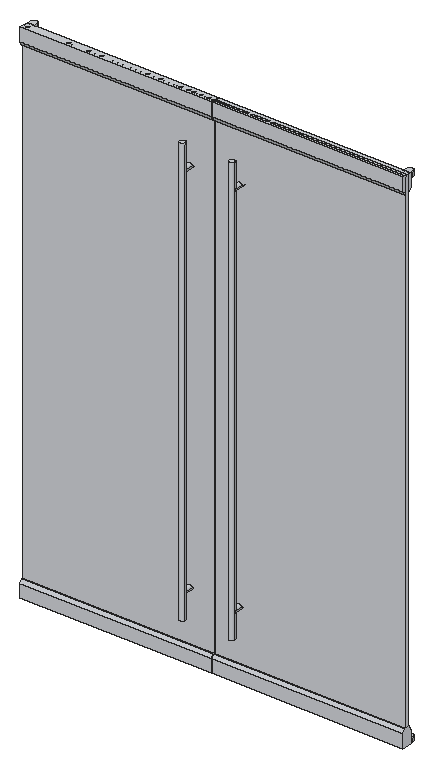
Revit family "DOOR_Double Glass_T&B Rails_Curtain Wall", category Doors, Revit 2024
Family settings
  Always vertical = Yes
  Cut with Voids When Loaded = No
  Shared = No
  Room Calculation Point = No
Parameters (values of type "Default - Exterior")
  t = Thickness_Patch / 2  # 28.5 mm
  o = polr + t  # 49.138 mm
  co reduction [instance] = Offset_CL Pull to CL Panel + Radius_Pull + o + polr  # 145.775 mm
  Wall Thickness [instance] = 150 mm
  Vertical Pull = yes
  Thickness = 45 mm
  Push Side Clearance = 1219.2 mm
  Pull Side Clearance = 1524 mm
  Panic Device = no
  Thickness_Patch = 57 mm
  Thickness\u001f_Panel = 12.5 mm
  Rail Material [instance] = none
  Radius_Pull = 16 mm
  Pull Material [instance] = none
  polr = 20.638 mm
  pofb = 20 mm
  Pivot Material [instance] = none
  Offset_OSF Door to Wall CL [instance] = 30 mm
  Offset_FF to Top of Pull [instance] = Door Height - Offset_FF to Bottom Of Pull  # 2843.8 mm
  Offset_FF to Bottom of Panic Pull = 1050 mm
  Offset_FF to Bottom Of Pull = 255 mm
  Offset_CL Pull to Edge of Panel = 150 mm
  Offset_CL Pull to CL Panel = 60 mm
  Offset_CL Mount to End of Pull = 150 mm
  Length_Patch = 180 mm
  Length_Handle [instance] = Offset_FF to Top of Pull - Offset_FF to Bottom Of Pull  # 2588.8 mm
  Height_Top Rail = 100 mm
  Height_Bottom Rail = 100 mm
  Panel Material [instance] = none
  Function = Exterior
  EA_Repath [instance] = 0 mm
  Door Width [instance] = 2121.833 mm
  Door Height [instance] = 3098.8 mm
  Define Thermal Properties by = Schematic Type
  Backset [instance] = 0 mm
  Assembly Code = "B2030100"
  Analytic Construction = "<None>"
  Single ADA Clearance Lines [instance] = yes
Types (2, lengths in mm): name | Wall Thickness | Push Side Clearance | Pull Side Clearance | pofb | Function
  Default - Exterior | 150 | 1219.2 | 1524 | 20 | Exterior
  Default - Interior | 180 | 0 | 0 | 19.05 | Interior
Reference planes
  plane 1 "Wall Centerline": y = -0.084
  plane 2: z = 0
  plane 3: x = 439.701
  plane 4: x = -719.641
  plane 5: x = 1599.043
  plane 6: z = 3098.8
  plane 7 "Door Centerline": y = 1.416
  plane 8: z = 255
  plane 9: z = 2998.8
  plane 10: z = 100
  plane 11: z = 2843.8
  plane 12 "Clear Opening": x = 1453.268
  plane 13 "OSF Door": y = 29.916
  plane 14: x = -573.866
  plane 15: x = -649.866
  plane 16 "Pivot Axis (Left/Right)": y = 49.916
  plane 17 "Pivot Axis (Front/Back)": x = -699.003
  plane 18: x = 1529.268
  plane 19: x = 1578.405
  plane 20: z = 3067.05
  plane 21 "Backset": y = -0.084
  plane 22 "ISF Door": y = -27.084
  plane 23: x = -621.366
  plane 24: x = 1500.768
  plane 25: x = -678.366
  plane 26: x = 1557.768
  plane 27: y = 74.916
  plane 28: y = -75.084
Forms (mm)
  Extrusion 1, solid, material <- "Panel Material"
    sketch origin (0, 0, 0) x (1, 0, 0) y (0, 1, 0)
      loop
        line (439.701, 7.666) -> (439.701, -4.834) -> (1599.043, -4.834) -> (1599.043, 7.666) -> (439.701, 7.666)
    from 0 to 3098.8
  Extrusion 2, solid, material <- "Rail Material"
    sketch origin (0, 0, 0) x (1, 0, 0) y (0, 1, 0)
      loop
        line (439.701, 29.916) -> (439.701, -27.084) -> (1599.043, -27.084) -> (1599.043, 29.916) -> (439.701, 29.916)
    from 0 to 100
  Extrusion 3, solid, material <- "Rail Material"
    sketch origin (0, 0, 965.2) x (1, 0, 0) y (0, 1, 0)
      loop
        line (439.701, 29.916) -> (439.701, -27.084) -> (1599.043, -27.084) -> (1599.043, 29.916) -> (439.701, 29.916)
    from 2033.6 to 2133.6
  Extrusion 4, solid, material <- "Panel Material"
    sketch origin (495.246, 0, 0) x (-1, 0, 0) y (0, -1, 0)
      loop
        line (55.545, -7.666) -> (1214.887, -7.666) -> (1214.887, 4.834) -> (55.545, 4.834) -> (55.545, -7.666)
    from 0 to 3098.8
  Extrusion 5, solid, material <- "Rail Material"
    sketch origin (495.246, 0, 0) x (-1, 0, 0) y (0, -1, 0)
      loop
        line (55.545, -29.916) -> (1214.887, -29.916) -> (1214.887, 27.084) -> (55.545, 27.084) -> (55.545, -29.916)
    from 0 to 100
  Extrusion 6, solid, material <- "Rail Material"
    sketch origin (495.246, 0, 965.2) x (-1, 0, 0) y (0, -1, 0)
      loop
        line (55.545, -29.916) -> (1214.887, -29.916) -> (1214.887, 27.084) -> (55.545, 27.084) -> (55.545, -29.916)
    from 2033.6 to 2133.6
  Extrusion 7, solid, material <- "Pivot Material"
    sketch origin (-854.071, -206.538, 0) x (0, -1, 0) y (1, 0, 0)
      loop
        line (-234.867, 136.018) -> (-234.867, 181.426) -> (-262.153, 173.246)
        arc (-262.153, 173.246) -> (-275.286, 152.186) -> (-256.455, 136.018) r 19.05
        line (-256.455, 136.018) -> (-234.867, 136.018)
    from 0 to 28.575
  Extrusion 8, solid, material <- "Pivot Material"
    sketch origin (1613.977, -206.538, 0) x (0, -1, 0) y (1, 0, 0)
      loop
        line (-234.867, -16.522) -> (-256.455, -16.522)
        arc (-256.455, -16.522) -> (-275.286, -32.689) -> (-262.153, -53.75) r 19.05
        line (-262.153, -53.75) -> (-234.867, -61.93) -> (-234.867, -16.522)
    from 0 to 28.575
  Extrusion 9, solid, material <- "Pivot Material"
    sketch origin (-854.071, -206.538, 2924.175) x (-1, 0, 0) y (0, -1, 0)
      loop
        line (-136.018, -234.867) -> (-181.426, -234.867) -> (-173.246, -262.153)
        arc (-173.246, -262.153) -> (-152.186, -275.286) -> (-136.018, -256.455) r 19.05
        line (-136.018, -256.455) -> (-136.018, -234.867)
    from 142.875 to 174.625
  Extrusion 10, solid, material <- "Pivot Material"
    sketch origin (1613.977, -206.538, 2924.175) x (-1, 0, 0) y (0, -1, 0)
      loop
        line (16.522, -234.867) -> (16.522, -256.455)
        arc (16.522, -256.455) -> (32.689, -275.286) -> (53.75, -262.153) r 19.05
        line (53.75, -262.153) -> (61.93, -234.867) -> (16.522, -234.867)
    from 142.875 to 174.625
  Extrusion 11, void
    sketch origin (439.701, 0, 0) x (0, -1, 0) y (0, 0, 1)
      loop
        line (-29.916, 100) -> (-29.916, 77.775) -> (-17.085, 100) -> (-29.916, 100)
      loop
        line (27.084, 100) -> (14.252, 100) -> (27.084, 77.775) -> (27.084, 100)
    from -1159.342 to 1159.342
  Extrusion 12, void
    sketch origin (439.701, 0, 0) x (0, -1, 0) y (0, 0, 1)
      loop
        line (-29.916, 2998.8) -> (-17.085, 2998.8) -> (-29.916, 3021.025) -> (-29.916, 2998.8)
      loop
        line (27.084, 2998.8) -> (27.084, 3021.025) -> (14.252, 2998.8) -> (27.084, 2998.8)
    from -1159.342 to 1159.342
Cuts and joins
  Extrusion 11 cuts Extrusion 2
  Extrusion 11 cuts Extrusion 5
  Extrusion 12 cuts Extrusion 3
  Extrusion 12 cuts Extrusion 6
Lines and regions (mm)
  symbolic lines, style "Elevation Swing"
    curve 1: line (1599.043, 0, 1549.4) -> (439.701, 0, 3098.8)
    curve 31: line (1599.043, 0, 1549.4) -> (439.701, 0, 0)
    curve 32: line (-719.641, 0, 1549.4) -> (439.701, 0, 3098.8)
    curve 33: line (-719.641, 0, 1549.4) -> (439.701, 0, 0)
  symbolic lines, style "Plan Swing"
    curve 2: line (-621.366, 29.916, 0) -> (-678.366, 29.916, 0)
    curve 3: line (-621.366, 29.916, 0) -> (-678.366, 29.916, 0)
    curve 4: line (-678.366, 1187.161, 0) -> (-678.366, 29.916, 0)
    curve 5: line (-621.366, 1187.161, 0) -> (-621.366, 29.916, 0)
    curve 6: line (-643.616, 1187.161, 0) -> (-656.116, 1187.161, 0)
    curve 7: line (-643.616, 1187.161, 0) -> (-643.616, 29.916, 0)
    curve 8: line (-656.116, 29.916, 0) -> (-656.116, 1187.161, 0)
    curve 9: circle (-699.003, 49.916, 0) r 20 normal (0, 0, 1)
    curve 10: arc (439.701, 33.128, 0) -> (123.348, 825.814, 0) -> (-649.866, 1187.161, 0) r 1159.346
    curve 11: line (1500.768, 29.916, 0) -> (1557.768, 29.916, 0)
    curve 12: line (1557.768, 1187.161, 0) -> (1557.768, 29.916, 0)
    curve 13: line (1500.768, 1187.161, 0) -> (1500.768, 29.916, 0)
    curve 14: line (1523.018, 1187.161, 0) -> (1535.518, 1187.161, 0)
    curve 15: line (1523.018, 1187.161, 0) -> (1523.018, 29.916, 0)
    curve 16: line (1535.518, 29.916, 0) -> (1535.518, 1187.161, 0)
    curve 18: circle (1578.405, 49.916, 0) r 20 normal (0, 0, -1)
    curve 19: arc (439.701, 33.128, 0) -> (756.054, 825.814, 0) -> (1529.268, 1187.161, 0) r 1159.346
    curve 20: line (1578.405, 69.916, 0) -> (1578.405, 29.916, 0)
    curve 21: line (1558.405, 49.916, 0) -> (1598.405, 49.916, 0)
    curve 22: line (-699.003, 69.916, 0) -> (-699.003, 29.916, 0)
    curve 23: line (-719.003, 49.916, 0) -> (-679.003, 49.916, 0)
    curve 27: line (1500.768, 1187.161, 0) -> (1523.018, 1187.161, 0)
    curve 28: line (1557.768, 1187.161, 0) -> (1535.518, 1187.161, 0)
    curve 29: line (-678.366, 1187.161, 0) -> (-656.116, 1187.161, 0)
    curve 30: line (-621.366, 1187.161, 0) -> (-643.616, 1187.161, 0)
  symbolic lines, style "Plan Swing", visible <- "Vertical Pull"
    curve 17: circle (1469.268, 1037.161, 0) r 16 normal (0, 0, -1)
    curve 24: circle (1589.268, 1037.161, 0) r 16 normal (0, 0, 1)
    curve 25: circle (-589.866, 1037.161, 0) r 16 normal (0, 0, 1)
    curve 26: circle (-709.866, 1037.161, 0) r 16 normal (0, 0, -1)
Text (mm)
  text "Exterior" at (-1298.825, 456.976, 0), in view "Base Line"
Dimensions and locks
  equal spacing: plane 4, plane 3, plane 5
  plane 2 to plane 6 = 3098.8 mm
  "Offset_FF to Bottom Of Pull": plane 8 to plane 2
  "Height_Bottom Rail": plane 10 to plane 2
  "Height_Top Rail": plane 6 to plane 9
  "Offset_FF to Top of Pull": plane 11 to plane 2
  equal spacing: Extrusion 1 sketch curve, plane 7 "Door Centerline", Extrusion 1 sketch curve
  "Thickness\u001f_Panel": Extrusion 1 sketch curve to Extrusion 1 sketch curve
  equal spacing: Extrusion 2 sketch curve, plane 7 "Door Centerline", Extrusion 2 sketch curve
  "Thickness_Patch": Extrusion 2 sketch curve to Extrusion 2 sketch curve
  "t": plane 7 "Door Centerline" to plane 13 "OSF Door"
  "Offset_OSF Door to Wall CL": plane 13 "OSF Door" to plane 21 "Backset"
  "Offset_CL Pull to Edge of Panel": plane 3 to nested 1
  "Offset_CL Pull to Edge of Panel": plane 3 to nested 2
  equal spacing: Extrusion 4 sketch curve, plane 7 "Door Centerline", Extrusion 4 sketch curve
  "Thickness\u001f_Panel": Extrusion 4 sketch curve to Extrusion 4 sketch curve
  "Thickness_Patch": Extrusion 5 sketch curve to Extrusion 5 sketch curve
  "Offset_CL Pull to Edge of Panel": plane 3 to nested 3
  "Offset_CL Pull to Edge of Panel": plane 3 to nested 4
  equal spacing: curve 7, plane 15, curve 8
  "Thickness\u001f_Panel": curve 7 to curve 8
  "pofb": plane 16 "Pivot Axis (Left/Right)" to plane 13 "OSF Door"
  "polr": plane 4 to plane 17 "Pivot Axis (Front/Back)"
  "o": plane 17 "Pivot Axis (Front/Back)" to plane 15
  equal spacing: curve 15, plane 18, curve 16
  "Thickness\u001f_Panel": curve 15 to curve 16
  "Offset_CL Pull to CL Panel": curve 17 to plane 18
  "Offset_CL Pull to Edge of Panel": curve 17 to curve 14
  plane 16 "Pivot Axis (Left/Right)" to plane 13 "OSF Door" = 20 mm
  "polr": plane 5 to plane 19
  "o": plane 19 to plane 18
  "Offset_CL Pull to CL Panel": curve 24 to plane 18
  "Offset_CL Pull to Edge of Panel": curve 24 to curve 14
  "Offset_CL Pull to Edge of Panel": curve 25 to curve 14
  "Offset_CL Pull to Edge of Panel": curve 26 to curve 14
  "Offset_CL Pull to CL Panel": plane 15 to curve 25
  "Offset_CL Pull to CL Panel": curve 26 to plane 15
  "co reduction": plane 4 to plane 14
  "co reduction": plane 12 "Clear Opening" to plane 5
  locked: plane 20 to plane 6 at 31.75
  equal spacing: plane 2, curve 31, plane 6
  equal spacing: plane 2, curve 33, plane 6
  "Backset": plane 21 "Backset" to plane 1 "Wall Centerline"
  "Thickness_Patch": plane 13 "OSF Door" to plane 22 "ISF Door"
  "Thickness_Patch": plane 25 to plane 23
  equal spacing: plane 25, plane 15, plane 23
  equal spacing: plane 24, plane 18, plane 26
  "Thickness_Patch": plane 24 to plane 26
  "Door Height": plane 2 to plane 6
  equal spacing: plane 28, plane 21 "Backset", plane 27
  "Wall Thickness": plane 28 to plane 27
  nested 5 to plane 27 = 1524 mm
  "Radius_Pull": radius of curve 17
  "Radius_Pull": radius of curve 24
  "Radius_Pull": radius of curve 25
  "Radius_Pull": radius of curve 26
  aligned and locked: level to plane 2
  aligned and locked: plane 5 to Extrusion 2 sketch curve
  aligned and locked: plane 7 "Door Centerline" to nested 1
  aligned and locked: plane 9 to Extrusion 3
  aligned and locked: plane 7 "Door Centerline" to nested 2
  aligned and locked: plane 4 to Extrusion 5
  aligned and locked: plane 4 to Extrusion 6
  aligned and locked: nested 4 to plane 7 "Door Centerline"
  aligned and locked: nested 3 to plane 7 "Door Centerline"
  aligned and locked: Extrusion 2 to Extrusion 5
  aligned and locked: plane 4 to Extrusion 5 sketch curve
  aligned and locked: plane 13 "OSF Door" to Extrusion 6 sketch curve
  aligned and locked: plane 4 to Extrusion 6 sketch curve
  aligned and locked: Extrusion 3 sketch curve to plane 13 "OSF Door"
  aligned and locked: plane 5 to Extrusion 3 sketch curve
  aligned and locked: Extrusion 6 to Extrusion 3
  aligned and locked: Extrusion 6 to plane 6
  aligned and locked: Extrusion 3 to plane 6
  aligned and locked: Extrusion 10 to plane 20
  aligned and locked: Extrusion 9 to plane 20
  aligned and locked: plane 6 to Extrusion 10
  aligned and locked: Extrusion 9 to plane 6
  aligned and locked: plane 4 to Extrusion 4 sketch curve
  aligned and locked: Extrusion 4 sketch curve to plane 3
  aligned and locked: plane 3 to Extrusion 1 sketch curve
  aligned and locked: plane 5 to Extrusion 1 sketch curve
  aligned and locked: Extrusion 4 to level
  aligned and locked: Extrusion 4 to plane 6
  aligned and locked: Extrusion 1 to plane 6
  aligned and locked: Extrusion 1 to level
  aligned and locked: Extrusion 3 to Extrusion 6
  aligned and locked: Extrusion 2 to plane 10
  aligned and locked: Extrusion 5 to Extrusion 2
  aligned and locked: curve 14 to curve 19
  aligned and locked: curve 28 to curve 27
  aligned and locked: curve 6 to curve 10
  aligned and locked: curve 30 to curve 29
  aligned and locked: plane 6 to curve 1
  aligned and locked: Extrusion 6 to plane 22 "ISF Door"
  aligned and locked: plane 3 to Extrusion 5 sketch curve
  aligned and locked: plane 3 to Extrusion 2 sketch curve
  aligned and locked: curve 27 to curve 14
  aligned and locked: curve 29 to curve 6
  aligned and locked: Extrusion 3 sketch curve to plane 3
  aligned and locked: Extrusion 6 sketch curve to plane 3
  aligned and locked: Extrusion 11 sketch curve to plane 10
  aligned and locked: plane 10 to Extrusion 11 sketch curve
  aligned and locked: plane 13 "OSF Door" to Extrusion 11 sketch curve
  aligned and locked: plane 22 "ISF Door" to Extrusion 11 sketch curve
  aligned and locked: Extrusion 12 sketch curve to plane 9
  aligned and locked: plane 9 to Extrusion 12 sketch curve
  aligned and locked: Extrusion 12 sketch curve to plane 22 "ISF Door"
  aligned and locked: Extrusion 12 sketch curve to plane 13 "OSF Door"
  aligned and locked: plane 4 to cut or joined group of Extrusion 5, Extrusion 11
  aligned and locked: Extrusion 11 to plane 5
  aligned and locked: Extrusion 1 to Extrusion 12
  aligned and locked: Extrusion 4 to Extrusion 12
  aligned and locked: plane 23 to curve 5
  aligned and locked: plane 24 to curve 13
  aligned and locked: plane 25 to curve 4
  aligned and locked: plane 26 to curve 12
  aligned and locked: nested 5 to plane 24
  aligned and locked: plane 23 to nested 5
Automatic sketch dimensions
  curve 33 to level = 0 mm
  curve 33 to plane 4 = 0 mm
  curve 31 to plane 3 = 0 mm
  curve 1 to plane 3 = 0 mm
  curve 31 to plane 5 = 0 mm
  plane 1 "Wall Centerline" to Extrusion 3 sketch curve = 27 mm
  curve 10 to plane 4 = 0 mm
  curve 23 to plane 16 "Pivot Axis (Left/Right)" = 0 mm
  curve 22 to plane 17 "Pivot Axis (Front/Back)" = 0 mm
  curve 9 to plane 16 "Pivot Axis (Left/Right)" = 0 mm
  curve 9 to plane 17 "Pivot Axis (Front/Back)" = 0 mm
  curve 4 to plane 13 "OSF Door" = 0 mm
  curve 10 to plane 15 = 0 mm
  curve 10 to plane 3 = 0 mm
  curve 13 to plane 13 "OSF Door" = 0 mm
  curve 19 to plane 18 = 0 mm
  curve 21 to plane 16 "Pivot Axis (Left/Right)" = 0 mm
  curve 20 to plane 13 "OSF Door" = 0 mm
  curve 20 to plane 19 = 0 mm
  curve 18 to plane 16 "Pivot Axis (Left/Right)" = 0 mm
  curve 18 to plane 19 = 0 mm
  curve 19 to plane 5 = 0 mm
  curve 22 to plane 13 "OSF Door" = 0 mm
  curve 19 to plane 13 "OSF Door" = 0 mm
  curve 10 to plane 13 "OSF Door" = 0 mm
  plane 13 "OSF Door" to curve 10 = 3.211 mm
  Extrusion 5 sketch curve to plane 13 "OSF Door" = 0 mm
  plane 1 "Wall Centerline" to Extrusion 6 sketch curve = 27 mm
  Extrusion 7 sketch curve to plane 16 "Pivot Axis (Left/Right)" = 0 mm
  Extrusion 7 sketch curve to plane 17 "Pivot Axis (Front/Back)" = 0 mm
  plane 16 "Pivot Axis (Left/Right)" to Extrusion 7 sketch curve = 5.698 mm
  Extrusion 7 sketch curve to plane 13 "OSF Door" = 1.588 mm
  Extrusion 7 sketch curve to plane 4 = 1.587 mm
  plane 15 to Extrusion 7 sketch curve = 22.779 mm
  Extrusion 8 sketch curve to plane 16 "Pivot Axis (Left/Right)" = 0 mm
  Extrusion 8 sketch curve to plane 19 = 0 mm
  Extrusion 8 sketch curve to plane 16 "Pivot Axis (Left/Right)" = 5.698 mm
  plane 13 "OSF Door" to Extrusion 8 sketch curve = 1.588 mm
  Extrusion 8 sketch curve to plane 5 = 1.587 mm
  Extrusion 8 sketch curve to plane 18 = 22.779 mm
  Extrusion 9 sketch curve to plane 16 "Pivot Axis (Left/Right)" = 0 mm
  Extrusion 9 sketch curve to plane 17 "Pivot Axis (Front/Back)" = 0 mm
  plane 16 "Pivot Axis (Left/Right)" to Extrusion 9 sketch curve = 5.698 mm
  plane 17 "Pivot Axis (Front/Back)" to Extrusion 9 sketch curve = 18.178 mm
  Extrusion 9 sketch curve to plane 13 "OSF Door" = 1.588 mm
  plane 15 to Extrusion 9 sketch curve = 22.779 mm
  Extrusion 10 sketch curve to plane 16 "Pivot Axis (Left/Right)" = 0 mm
  Extrusion 10 sketch curve to plane 19 = 0 mm
  plane 5 to Extrusion 10 sketch curve = 1.588 mm
  plane 16 "Pivot Axis (Left/Right)" to Extrusion 10 sketch curve = 5.698 mm
  Extrusion 10 sketch curve to plane 13 "OSF Door" = 1.588 mm
  plane 18 to Extrusion 10 sketch curve = 22.779 mm
  Extrusion 11 sketch curve to plane 13 "OSF Door" = 12.832 mm
  plane 22 "ISF Door" to Extrusion 11 sketch curve = 12.832 mm
  plane 10 to Extrusion 11 sketch curve = 22.225 mm  (x2)
  Extrusion 12 sketch curve to plane 13 "OSF Door" = 12.832 mm
  Extrusion 12 sketch curve to Extrusion 12 sketch curve = 12.832 mm
  Extrusion 12 sketch curve to Extrusion 12 sketch curve = 22.225 mm  (x2)
Nested families
  nested 1: "Vertical Straight Pull" at (589.701, 1.416, 0), visible <- "Vertical Pull", type "Default"
    with Radius_Pull 16 mm, Offset_FF to Top of Pull 2843.8 mm, Offset_FF to Bottom of Pull 255 mm, Offset_CL Pull to CL Panel 60 mm, Offset_CL Mount to End of Pull 150 mm
  nested 2: "Panic Device" at (721.687, 1.416, 0), visible <- "Panic Device", type "Default"
  nested 3: "Vertical Straight Pull" at (289.701, 1.416, 0) x (-1, 0, 0) z (0, 0, 1), visible <- "Vertical Pull", type "Default"
    with Radius_Pull 16 mm, Offset_FF to Top of Pull 2843.8 mm, Offset_FF to Bottom of Pull 255 mm, Offset_CL Pull to CL Panel 60 mm, Offset_CL Mount to End of Pull 150 mm
  nested 4: "Panic Device" at (157.715, 1.416, 0) x (-1, 0, 0) z (0, 0, 1), visible <- "Panic Device", type "Default"
  nested 5: "Double Door - ADA Clearance Lines" at (439.701, -0.084, 0), Pull Side Clearance <- "Pull Side Clearance", Push Side Clearance <- "Push Side Clearance", Wall Thickness <- "Wall Thickness", visible <- "Single ADA Clearance Lines", type "Double Door - ADA Clearance Lines"
    with Wall Thickness 150 mm, Push Side Clearance 1219.2 mm, Pull Side Clearance 1524 mm, Door Width 2122.133 mm, ADA Clearance Lines yes
Definition of nested family "Vertical Straight Pull"
  Parameters
    Radius_Pull = 15.875 mm
    Pull = none
    Offset_FF to Top of Pull = 1219.2 mm
    Offset_FF to Bottom of Pull = 304.8 mm
    Offset_CL Mount to End of Pull = 304.8 mm
    Offset_CL Pull to CL Panel = 76.2 mm
    Default Elevation = 0 mm
    Assembly Code = ""
  Reference planes
    plane 1 "Center (Front/Back)": y = 0
    plane 2: z = 0
    plane 3 "Center (Left/Right)": x = 0
    plane 4: y = 76.2
    plane 5: y = -76.2
    plane 6: z = 609.6
    plane 7: z = 914.4
    plane 8: z = 1219.2
    plane 9: z = 304.8
  Forms (mm)
    Extrusion 1, solid, material <- "Pull"
      sketch origin (0, 0, 0) x (1, 0, 0) y (0, 1, 0)
        loop
          circle (0, 76.2) r 15.875
        loop
          circle (0, -76.2) r 15.875
      from 304.8 to 1219.2
    Extrusion 2, solid
      sketch origin (0, 0, 0) x (1, 0, 0) y (0, 0, 1)
        loop
          circle (0, 914.4) r 15.875
        loop
          circle (0, 609.6) r 15.875
      from -76.2 to 76.2
  Dimensions and locks
    "Offset_CL Mount to End of Pull": plane 8 to plane 7
    "Offset_CL Mount to End of Pull": plane 6 to plane 9
    "Offset_FF to Bottom of Pull": plane 9 to plane 2
    "Offset_FF to Top of Pull": plane 8 to plane 2
    "Offset_CL Pull to CL Panel": plane 4 to plane 1 "Center (Front/Back)"
    "Offset_CL Pull to CL Panel": plane 5 to plane 1 "Center (Front/Back)"
    "Offset_CL Pull to CL Panel": plane 1 "Center (Front/Back)" to Extrusion 2
    "Offset_CL Pull to CL Panel": Extrusion 2 to plane 1 "Center (Front/Back)"
    "Radius_Pull": radius of Extrusion 1 sketch curve  (x2)
    "Radius_Pull": radius of Extrusion 2 sketch curve  (x2)
    aligned and locked: plane 8 to Extrusion 1
    aligned and locked: Extrusion 1 to plane 9
  Automatic sketch dimensions
    Extrusion 1 sketch curve to plane 3 "Center (Left/Right)" = 0 mm  (x2)
    Extrusion 1 sketch curve to plane 5 = 0 mm
    Extrusion 1 sketch curve to plane 4 = 0 mm
    Extrusion 2 sketch curve to plane 3 "Center (Left/Right)" = 0 mm  (x2)
    Extrusion 2 sketch curve to plane 6 = 0 mm
    Extrusion 2 sketch curve to plane 7 = 0 mm
Definition of nested family "Panic Device"
  Parameters
    Radius_Pull = 19.05 mm
    Pull = none
    Offset_FF to Top of Pull = 2413 mm
    Offset_FF to Bottom of Vertical Pull = 25.4 mm
    Offset_FF to Bottom of Panic Pull = 1066.8 mm
    Offset_CL Pull to CL Panel = 69.85 mm
    Offset_CL Mount to End of Pull = 152.4 mm
    Default Elevation = 0 mm
    Assembly Code = ""
  Reference planes
    plane 1 "Center (Front/Back)": y = 0
    plane 2: z = 0
    plane 3 "Center (Left/Right)": x = -131.986
    plane 4: z = 177.8
    plane 5: z = 2260.6
    plane 6: z = 2413
    plane 7: x = 579.214
    plane 8: x = 604.614
    plane 9: x = 579.214
    plane 10: z = 25.4
    plane 11: z = 1066.8
  Forms (mm)
    Extrusion 1, solid, material <- "Pull"
      sketch origin (0, 0, 0) x (1, 0, 0) y (0, 0, 1)
        loop
          circle (-131.986, 2260.6) r 19.05
      from -69.85 to 69.85
    Sweep 2, solid, material <- "Pull"
      path origin (0, 0, 0) x (1, 0, 0) y (0, 0, 1)
        loop
          line (-131.986, 2413) -> (-131.986, 1168.4)
          arc (-131.986, 1168.4) -> (-102.228, 1096.558) -> (-30.386, 1066.8) r 101.6
          line (-30.386, 1066.8) -> (477.614, 1066.8)
      profile origin (-131.986, 0, 1790.7) x (0, -1, 0) y (1, 0, 0)
        loop
          circle (69.85, 0) r 19.05
    Sweep 3, solid, material <- "Pull"
      path origin (0, 0, 0) x (1, 0, 0) y (0, 1, 0)
        loop
          line (483.964, -69.85) -> (509.364, -69.85)
          arc (509.364, -69.85) -> (558.755, -49.391) -> (579.214, 0) r 69.85
          line (579.214, 0) -> (579.214, 19.05)
      profile origin (496.664, -69.85, 0) x (0, 1, 0) y (0, 0, 1)
        loop
          circle (0, 1066.8) r 19.05
    Extrusion 4, solid, material <- "Pull"
      sketch origin (0, 0, 0) x (1, 0, 0) y (0, 1, 0)
        loop
          circle (-131.986, 69.85) r 19.05
      from 25.4 to 2413
    Extrusion 5, solid, material <- "Pull"
      sketch origin (0, 0, 0) x (1, 0, 0) y (0, 0, 1)
        loop
          circle (-131.986, 177.8) r 15.875
      from -69.85 to 0
  Dimensions and locks
    "Offset_CL Mount to End of Pull": plane 6 to plane 5
    "Offset_FF to Top of Pull": plane 6 to plane 2
    "Offset_CL Pull to CL Panel": Extrusion 1 to plane 1 "Center (Front/Back)"
    "Offset_CL Pull to CL Panel": Sweep 2 sketch curve to profile plane
    "Offset_CL Pull to CL Panel": plane 1 "Center (Front/Back)" to Extrusion 4 sketch curve
    "Offset_CL Pull to CL Panel": plane 1 "Center (Front/Back)" to Extrusion 1
    "Offset_FF to Bottom of Vertical Pull": plane 2 to plane 10
    "Offset_CL Mount to End of Pull": plane 4 to plane 10
    "Offset_FF to Bottom of Panic Pull": plane 11 to plane 2
    Sweep 3 sketch curve to plane 11 = 0 mm
    "Radius_Pull": radius of Extrusion 1 sketch curve
    "Radius_Pull": radius of Sweep 2 sketch curve
    "Offset_CL Pull to CL Panel": radius of Sweep 3 sketch curve
    "Radius_Pull": radius of Sweep 3 sketch curve
    "Radius_Pull": radius of Extrusion 4 sketch curve
    aligned and locked: plane 7 to Sweep 3 sketch curve
    aligned and locked: plane 6 to Extrusion 4
    aligned and locked: Extrusion 4 to plane 10
    aligned and locked: Sweep 2 sketch curve to plane 11
    aligned and locked: level to plane 2
    aligned: Sweep 2 to Sweep 3
    aligned and locked: plane 1 "Center (Front/Back)" to Extrusion 5
    aligned and locked: Extrusion 1 to Extrusion 5
  Automatic sketch dimensions
    Extrusion 1 sketch curve to plane 3 "Center (Left/Right)" = 0 mm
    Extrusion 1 sketch curve to plane 5 = 0 mm
    Sweep 2 sketch curve to profile plane = 0 mm
    Sweep 3 sketch curve to profile plane = 0 mm
    Sweep 3 sketch curve to plane 1 "Center (Front/Back)" = 0 mm
    Sweep 3 sketch curve to Sweep 3 sketch curve = 25.4 mm
    Sweep 3 sketch curve to Sweep 3 sketch curve = 19.05 mm
    Extrusion 4 sketch curve to plane 3 "Center (Left/Right)" = 0 mm
    Sweep 2 sketch curve to plane 3 "Center (Left/Right)" = 0 mm
    Sweep 2 sketch curve to plane 6 = 0 mm
    plane 3 "Center (Left/Right)" to Sweep 2 sketch curve = 101.6 mm
    Sweep 2 sketch curve to plane 9 = 101.6 mm
    Extrusion 5 sketch curve to plane 3 "Center (Left/Right)" = 0 mm
    Extrusion 5 sketch curve to plane 4 = 0 mm
    radius of Extrusion 5 sketch curve = 15.875 mm
Definition of nested family "Double Door - ADA Clearance Lines"
  Parameters (values of type "Double Door - ADA Clearance Lines")
    Wall Thickness [instance] = 50.8 mm
    Push Side Clearance [instance] = 1219.2 mm
    Pull Side Clearance [instance] = 1524 mm
    Door Width [instance] = 1828.8 mm
    Analytic Construction = "<None>"
    ADA Clearance Lines [instance] = yes
  Reference planes
    plane 1 "Center (Front/Back)": y = 0
    plane 2: z = 0
    plane 3 "Center (Left/Right)": x = 0
    plane 4: x = -914.4
    plane 5: x = 914.4
    plane 6: y = 1549.4
    plane 7: y = -1244.6
    plane 8: y = -25.4
    plane 9: y = 25.4
  Lines and regions (mm)
    symbolic lines, visible <- "ADA Clearance Lines"
      curve 1: line (-914.4, 1549.4, 0) -> (914.4, 1549.4, 0)
      curve 2: line (-914.4, -1244.6, 0) -> (-914.4, 1549.4, 0)
      curve 3: line (914.4, -1244.6, 0) -> (-914.4, -1244.6, 0)
      curve 4: line (914.4, 1549.4, 0) -> (914.4, -1244.6, 0)
  Dimensions and locks
    equal spacing: plane 9, plane 1 "Center (Front/Back)", plane 8
    "Wall Thickness": plane 8 to plane 9
    "Push Side Clearance": plane 8 to plane 7
    "Pull Side Clearance": plane 9 to plane 6
    equal spacing: plane 4, plane 3 "Center (Left/Right)", plane 5
    "Door Width": plane 4 to plane 5
    aligned and locked: plane 2 to level
    aligned and locked: curve 4 to plane 5
    aligned and locked: curve 1 to plane 6
    aligned and locked: curve 2 to plane 4
    aligned and locked: curve 3 to plane 7
